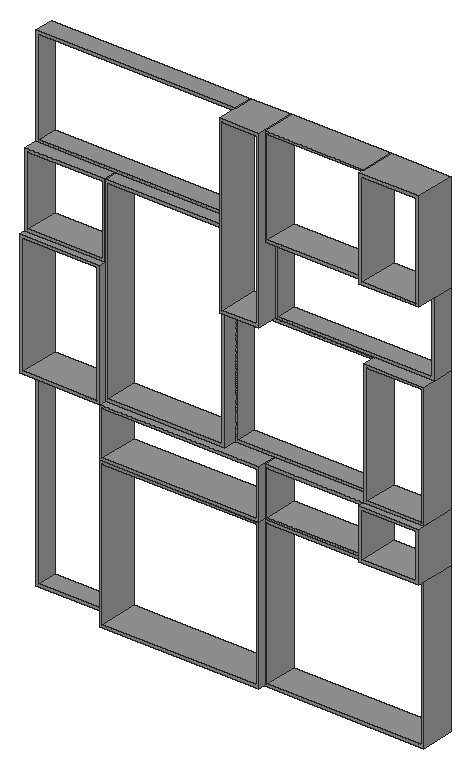
Revit family "CurtainWallOvest", category Curtain Panels, Revit 2014
Parameters
  LV_WidthD3 [instance] = LV_LD4 / 3  # 320.619 mm
  LV_WidthD2 [instance] = LV_LD3 / 2  # 160.31 mm
  LV_WidthD1 [instance] = LV_LD2 / 3  # 267.183 mm
  LV_MaterialCW_D [instance] = Maple
  LV_LengthCW_D [instance] = 3206.192 mm
  LV_LD4 [instance] = 3 * (LV_LengthCW_D / 10)  # 961.858 mm
  LV_LD3 [instance] = (LV_LengthCW_D / 10)  # 320.619 mm
  LV_LD2 [instance] = 2.5 * (LV_LengthCW_D / 10)  # 801.548 mm
  LV_HigthCW_D [instance] = 4000 mm
  LV_D5 [instance] = 3 * (LV_HigthCW_D / 10)  # 1200 mm
  LV_D4 [instance] = LV_HigthCW_D / 10  # 400 mm
  LV_D3 [instance] = 2.5 * (LV_HigthCW_D / 10)  # 1000 mm
  LV_D2 [instance] = 1.5 * (LV_HigthCW_D / 10)  # 600 mm
  LV_D1 [instance] = 2 * (LV_HigthCW_D / 10)  # 800 mm
Reference planes
  plane 1 "Centro (Fronte/Retro)": y = 0
  plane 2: z = 0
  plane 3 "Centro (Sinistra/Destra)": x = 0
  plane 4 "Sinistra": x = -1603.096
  plane 5 "Destra": x = 1603.096
  plane 6 "Parte superiore": z = 4000
  plane 7: x = 320.619
  plane 8: x = 1122.167
  plane 9: x = -961.858
  plane 10: z = 3200
  plane 11: z = 2600
  plane 12: z = 1600
  plane 13: z = 1200
  plane 14: y = -267.183
  plane 15: y = -160.31
  plane 16: y = -320.619
Forms (mm)
  Extrusion 1, solid, material "Maple" <- "LV_MaterialCW_D"
    sketch origin (0, 0, 0) x (1, 0, 0) y (0, 0, 1)
      loop
        line (1603.096, 4000) -> (1122.167, 4000) -> (1122.167, 3200) -> (1603.096, 3200) -> (1603.096, 4000)
      loop
        line (1583.096, 3980) -> (1142.167, 3980) -> (1142.167, 3220) -> (1583.096, 3220) -> (1583.096, 3980)
    from 0 to 320.619
  Extrusion 2, solid, material "Maple" <- "LV_MaterialCW_D"
    sketch origin (0, 0, 0) x (1, 0, 0) y (0, 0, 1)
      loop
        line (1603.096, 3200) -> (320.619, 3200) -> (320.619, 2600) -> (1603.096, 2600) -> (1603.096, 3200)
      loop
        line (1583.096, 3180) -> (340.619, 3180) -> (340.619, 2620) -> (1583.096, 2620) -> (1583.096, 3180)
    from 0 to 160.31
  Extrusion 3, solid, material "Maple" <- "LV_MaterialCW_D"
    sketch origin (0, 0, 0) x (1, 0, 0) y (0, 0, 1)
      loop
        line (1122.167, 4000) -> (320.619, 4000) -> (320.619, 3200) -> (1122.167, 3200) -> (1122.167, 4000)
      loop
        line (1102.167, 3980) -> (340.619, 3980) -> (340.619, 3220) -> (1102.167, 3220) -> (1102.167, 3980)
    from 0 to 267.183
  Extrusion 4, solid, material "Maple" <- "LV_MaterialCW_D"
    sketch origin (0, 0, 0) x (1, 0, 0) y (0, 0, 1)
      loop
        line (0, 2600) -> (320.619, 2600) -> (320.619, 4000) -> (0, 4000) -> (0, 2600)
      loop
        line (300.619, 3980) -> (20, 3980) -> (20, 2620) -> (300.619, 2620) -> (300.619, 3980)
    from 0 to 320.619
  Extrusion 5, solid, material "Maple" <- "LV_MaterialCW_D"
    sketch origin (0, 0, 0) x (1, 0, 0) y (0, 0, 1)
      loop
        line (0, 4000) -> (-1603.096, 4000) -> (-1603.096, 3200) -> (0, 3200) -> (0, 4000)
      loop
        line (-20, 3980) -> (-1583.096, 3980) -> (-1583.096, 3220) -> (-20, 3220) -> (-20, 3980)
    from 0 to 160.31
  Extrusion 6, solid, material "Maple" <- "LV_MaterialCW_D"
    sketch origin (0, 0, 0) x (1, 0, 0) y (0, 0, 1)
      loop
        line (0, 3200) -> (-961.858, 3200) -> (-961.858, 1600) -> (0, 1600) -> (0, 3200)
      loop
        line (-20, 3180) -> (-941.858, 3180) -> (-941.858, 1620) -> (-20, 1620) -> (-20, 3180)
    from 0 to 267.183
  Extrusion 7, solid, material "Maple" <- "LV_MaterialCW_D"
    sketch origin (0, 0, 0) x (1, 0, 0) y (0, 0, 1)
      loop
        line (-961.858, 3200) -> (-1603.096, 3200) -> (-1603.096, 2600) -> (-961.858, 2600) -> (-961.858, 3200)
      loop
        line (-981.858, 3180) -> (-1583.096, 3180) -> (-1583.096, 2620) -> (-981.858, 2620) -> (-981.858, 3180)
    from 0 to 267.183
  Extrusion 8, solid, material "Maple" <- "LV_MaterialCW_D"
    sketch origin (0, 0, 0) x (1, 0, 0) y (0, 0, 1)
      loop
        line (1603.096, 2600) -> (1122.167, 2600) -> (1122.167, 1600) -> (1603.096, 1600) -> (1603.096, 2600)
      loop
        line (1583.096, 2580) -> (1142.167, 2580) -> (1142.167, 1620) -> (1583.096, 1620) -> (1583.096, 2580)
    from 0 to 267.183
  Extrusion 9, solid, material "Maple" <- "LV_MaterialCW_D"
    sketch origin (0, 0, 0) x (1, 0, 0) y (0, 0, 1)
      loop
        line (1122.167, 2600) -> (0, 2600) -> (0, 1600) -> (1122.167, 1600) -> (1122.167, 2600)
      loop
        line (1102.167, 2580) -> (20, 2580) -> (20, 1620) -> (1102.167, 1620) -> (1102.167, 2580)
    from 0 to 160.31
  Extrusion 10, solid, material "Maple" <- "LV_MaterialCW_D"
    sketch origin (0, 0, 0) x (1, 0, 0) y (0, 0, 1)
      loop
        line (-961.858, 2600) -> (-1603.096, 2600) -> (-1603.096, 1600) -> (-961.858, 1600) -> (-961.858, 2600)
      loop
        line (-981.858, 2580) -> (-1583.096, 2580) -> (-1583.096, 1620) -> (-981.858, 1620) -> (-981.858, 2580)
    from 0 to 320.619
  Extrusion 11, solid, material "Maple" <- "LV_MaterialCW_D"
    sketch origin (0, 0, 0) x (1, 0, 0) y (0, 0, 1)
      loop
        line (-961.858, 1600) -> (-1603.096, 1600) -> (-1603.096, 0) -> (-961.858, 0) -> (-961.858, 1600)
      loop
        line (-981.858, 1580) -> (-1583.096, 1580) -> (-1583.096, 20) -> (-981.858, 20) -> (-981.858, 1580)
    from 0 to 160.31
  Extrusion 12, solid, material "Maple" <- "LV_MaterialCW_D"
    sketch origin (0, 0, 0) x (1, 0, 0) y (0, 0, 1)
      loop
        line (320.619, 1600) -> (-961.858, 1600) -> (-961.858, 1200) -> (320.619, 1200) -> (320.619, 1600)
      loop
        line (300.619, 1580) -> (-941.858, 1580) -> (-941.858, 1220) -> (300.619, 1220) -> (300.619, 1580)
    from 0 to 320.619
  Extrusion 13, solid, material "Maple" <- "LV_MaterialCW_D"
    sketch origin (0, 0, 0) x (1, 0, 0) y (0, 0, 1)
      loop
        line (1122.167, 1600) -> (320.619, 1600) -> (320.619, 1200) -> (1122.167, 1200) -> (1122.167, 1600)
      loop
        line (1102.167, 1580) -> (340.619, 1580) -> (340.619, 1220) -> (1102.167, 1220) -> (1102.167, 1580)
    from 0 to 267.183
  Extrusion 14, solid, material "Maple" <- "LV_MaterialCW_D"
    sketch origin (0, 0, 0) x (1, 0, 0) y (0, 0, 1)
      loop
        line (1603.096, 1200) -> (320.619, 1200) -> (320.619, 0) -> (1603.096, 0) -> (1603.096, 1200)
      loop
        line (1583.096, 1180) -> (340.619, 1180) -> (340.619, 20) -> (1583.096, 20) -> (1583.096, 1180)
    from 0 to 267.183
  Extrusion 15, solid, material "Maple" <- "LV_MaterialCW_D"
    sketch origin (0, 0, 0) x (1, 0, 0) y (0, 0, 1)
      loop
        line (1603.096, 1600) -> (1122.167, 1600) -> (1122.167, 1200) -> (1603.096, 1200) -> (1603.096, 1600)
      loop
        line (1583.096, 1580) -> (1142.167, 1580) -> (1142.167, 1220) -> (1583.096, 1220) -> (1583.096, 1580)
    from 0 to 320.619
  Extrusion 16, solid, material "Maple" <- "LV_MaterialCW_D"
    sketch origin (0, 0, 0) x (1, 0, 0) y (0, 0, 1)
      loop
        line (320.619, 1200) -> (-961.858, 1200) -> (-961.858, 0) -> (320.619, 0) -> (320.619, 1200)
      loop
        line (300.619, 1180) -> (-941.858, 1180) -> (-941.858, 20) -> (300.619, 20) -> (300.619, 1180)
    from 0 to 320.619
Text (mm)
  text "Esterno" at (-2351.972, 1416.179, 0), in view "Livello rif."
  text "Esterno" at (0, 2290.741, 4406.713), in view "Sinistra"
  text "Esterno" at (0, 1328.187, 4120.349), in view "Destra"
Dimensions and locks
  equal spacing: plane 4 "Sinistra", plane 3 "Centro (Sinistra/Destra)", plane 5 "Destra"
  "LV_HigthCW_D": plane 2 to plane 6 "Parte superiore"
  "LV_LengthCW_D": plane 4 "Sinistra" to plane 5 "Destra"
  "LV_D1": plane 10 to plane 6 "Parte superiore"
  "LV_D2": plane 11 to plane 10
  "LV_D3": plane 12 to plane 11
  "LV_D4": plane 13 to plane 12
  "LV_D5": plane 2 to plane 13
  "LV_LD3": plane 7 to plane 3 "Centro (Sinistra/Destra)"
  "LV_LD2": plane 7 to plane 8
  "LV_LD4": plane 3 "Centro (Sinistra/Destra)" to plane 9
  plane 4 "Sinistra" to plane 9 = 641.238 mm
  plane 8 to plane 5 "Destra" = 480.929 mm
  locked: Extrusion 1 sketch curve to Extrusion 1 sketch curve at 20  (x4)
  locked: Extrusion 2 sketch curve to Extrusion 2 sketch curve at 20  (x4)
  locked: Extrusion 3 sketch curve to Extrusion 3 sketch curve at 20  (x2)
  locked: Extrusion 3 sketch curve to Extrusion 1 at 20
  locked: Extrusion 2 to Extrusion 3 sketch curve at 20
  locked: Extrusion 4 sketch curve to Extrusion 4 sketch curve at 20  (x3)
  locked: Extrusion 4 sketch curve to Extrusion 3 at 20
  locked: Extrusion 5 sketch curve to Extrusion 5 sketch curve at 20  (x3)
  locked: Extrusion 5 sketch curve to Extrusion 4 at 20
  locked: Extrusion 6 sketch curve to Extrusion 5 at 20
  locked: Extrusion 6 sketch curve to Extrusion 6 sketch curve at 20  (x3)
  locked: Extrusion 7 sketch curve to Extrusion 5 at 20
  locked: Extrusion 7 sketch curve to Extrusion 7 sketch curve at 20  (x2)
  locked: Extrusion 7 sketch curve to Extrusion 6 at 20
  locked: Extrusion 8 sketch curve to Extrusion 2 at 20
  locked: Extrusion 8 sketch curve to Extrusion 8 sketch curve at 20  (x3)
  locked: Extrusion 9 sketch curve to Extrusion 2 at 20
  locked: Extrusion 9 sketch curve to Extrusion 6 at 20
  locked: Extrusion 9 sketch curve to Extrusion 9 sketch curve at 20
  locked: Extrusion 9 sketch curve to Extrusion 8 at 20
  locked: Extrusion 10 sketch curve to Extrusion 7 at 20
  locked: Extrusion 10 sketch curve to Extrusion 10 sketch curve at 20  (x2)
  locked: Extrusion 10 sketch curve to Extrusion 6 at 20
  locked: Extrusion 11 sketch curve to Extrusion 10 at 20
  locked: Extrusion 11 sketch curve to Extrusion 11 sketch curve at 20  (x3)
  locked: Extrusion 12 sketch curve to Extrusion 6 at 20
  locked: Extrusion 12 sketch curve to Extrusion 11 at 20
  locked: Extrusion 12 sketch curve to Extrusion 12 sketch curve at 20  (x2)
  locked: Extrusion 13 sketch curve to Extrusion 9 at 20
  locked: Extrusion 13 sketch curve to Extrusion 12 at 20
  locked: Extrusion 13 sketch curve to Extrusion 13 sketch curve at 20  (x2)
  locked: Extrusion 14 sketch curve to Extrusion 13 at 20
  locked: Extrusion 14 sketch curve to Extrusion 14 sketch curve at 20  (x3)
  locked: Extrusion 15 sketch curve to Extrusion 8 at 20
  locked: Extrusion 15 sketch curve to Extrusion 13 at 20
  locked: Extrusion 14 to Extrusion 15 sketch curve at 20
  locked: Extrusion 15 sketch curve to Extrusion 15 sketch curve at 20
  locked: Extrusion 16 sketch curve to Extrusion 12 at 20
  locked: Extrusion 16 sketch curve to Extrusion 11 at 20
  locked: Extrusion 16 sketch curve to Extrusion 14 at 20
  locked: Extrusion 16 sketch curve to Extrusion 16 sketch curve at 20
  "LV_WidthD1": plane 14 to plane 1 "Centro (Fronte/Retro)"
  "LV_WidthD2": plane 15 to plane 1 "Centro (Fronte/Retro)"
  "LV_WidthD3": plane 16 to plane 1 "Centro (Fronte/Retro)"
  aligned and locked: level to plane 2
  aligned and locked: plane 6 "Parte superiore" to Extrusion 1 sketch curve
  aligned and locked: Extrusion 1 sketch curve to plane 8
  aligned and locked: plane 5 "Destra" to Extrusion 1 sketch curve
  aligned and locked: plane 10 to Extrusion 1 sketch curve
  aligned and locked: Extrusion 2 sketch curve to plane 10
  aligned and locked: Extrusion 2 sketch curve to plane 7
  aligned and locked: plane 11 to Extrusion 2 sketch curve
  aligned and locked: plane 5 "Destra" to Extrusion 2 sketch curve
  aligned and locked: plane 6 "Parte superiore" to Extrusion 3 sketch curve
  aligned and locked: plane 8 to Extrusion 3 sketch curve
  aligned and locked: plane 10 to Extrusion 3 sketch curve
  aligned and locked: Extrusion 3 sketch curve to plane 7
  aligned and locked: plane 7 to Extrusion 4 sketch curve
  aligned and locked: plane 11 to Extrusion 4 sketch curve
  aligned and locked: plane 3 "Centro (Sinistra/Destra)" to Extrusion 4 sketch curve
  aligned and locked: plane 6 "Parte superiore" to Extrusion 4 sketch curve
  aligned and locked: plane 6 "Parte superiore" to Extrusion 5 sketch curve
  aligned and locked: Extrusion 4 to Extrusion 5 sketch curve
  aligned and locked: plane 10 to Extrusion 5 sketch curve
  aligned and locked: Extrusion 5 sketch curve to plane 4 "Sinistra"
  aligned and locked: Extrusion 6 sketch curve to plane 10
  aligned and locked: Extrusion 6 sketch curve to plane 9
  aligned and locked: plane 12 to Extrusion 6 sketch curve
  aligned and locked: Extrusion 6 sketch curve to plane 3 "Centro (Sinistra/Destra)"
  aligned and locked: Extrusion 7 sketch curve to plane 10
  aligned and locked: plane 9 to Extrusion 7 sketch curve
  aligned and locked: Extrusion 7 sketch curve to plane 4 "Sinistra"
  aligned and locked: plane 11 to Extrusion 7 sketch curve
  aligned and locked: Extrusion 8 sketch curve to plane 11
  aligned and locked: Extrusion 8 sketch curve to plane 8
  aligned and locked: plane 5 "Destra" to Extrusion 8 sketch curve
  aligned and locked: plane 12 to Extrusion 8 sketch curve
  aligned and locked: plane 3 "Centro (Sinistra/Destra)" to Extrusion 9 sketch curve
  aligned and locked: Extrusion 9 sketch curve to plane 11
  aligned and locked: plane 8 to Extrusion 9 sketch curve
  aligned and locked: plane 12 to Extrusion 9 sketch curve
  aligned and locked: Extrusion 10 sketch curve to plane 11
  aligned and locked: plane 9 to Extrusion 10 sketch curve
  aligned and locked: plane 12 to Extrusion 10 sketch curve
  aligned and locked: Extrusion 10 sketch curve to plane 4 "Sinistra"
  aligned and locked: Extrusion 11 sketch curve to plane 12
  aligned and locked: Extrusion 11 sketch curve to plane 4 "Sinistra"
  aligned and locked: plane 2 to Extrusion 11 sketch curve
  aligned and locked: plane 9 to Extrusion 11 sketch curve
  aligned and locked: Extrusion 12 sketch curve to plane 12
  aligned and locked: Extrusion 12 sketch curve to plane 9
  aligned and locked: plane 7 to Extrusion 12 sketch curve
  aligned and locked: plane 13 to Extrusion 12 sketch curve
  aligned and locked: plane 8 to Extrusion 13 sketch curve
  aligned and locked: Extrusion 13 sketch curve to plane 12
  aligned and locked: Extrusion 13 sketch curve to plane 7
  aligned and locked: plane 13 to Extrusion 13 sketch curve
  aligned and locked: Extrusion 14 sketch curve to plane 7
  aligned and locked: plane 5 "Destra" to Extrusion 14 sketch curve
  aligned and locked: plane 2 to Extrusion 14 sketch curve
  aligned and locked: Extrusion 14 sketch curve to plane 13
  aligned and locked: Extrusion 15 sketch curve to plane 12
  aligned and locked: Extrusion 15 sketch curve to plane 8
  aligned and locked: plane 13 to Extrusion 15 sketch curve
  aligned and locked: plane 5 "Destra" to Extrusion 15 sketch curve
  aligned and locked: Extrusion 16 sketch curve to plane 13
  aligned and locked: Extrusion 16 sketch curve to plane 9
  aligned and locked: plane 2 to Extrusion 16 sketch curve
  aligned and locked: plane 7 to Extrusion 16 sketch curve
  aligned and locked: Extrusion 11 to plane 15
  aligned and locked: Extrusion 12 to plane 16
  aligned and locked: Extrusion 13 to plane 14
  aligned and locked: Extrusion 15 to plane 16
  aligned and locked: Extrusion 10 to plane 16
  aligned and locked: Extrusion 7 to plane 14
  aligned and locked: Extrusion 5 to plane 15
  aligned and locked: Extrusion 4 to plane 16
  aligned and locked: Extrusion 6 to plane 14
  aligned and locked: Extrusion 9 to plane 15
  aligned and locked: Extrusion 3 to plane 14
  aligned and locked: Extrusion 2 to plane 15
  aligned and locked: Extrusion 1 to plane 16
  aligned and locked: Extrusion 16 to plane 16
  aligned and locked: Extrusion 3 to Extrusion 8
